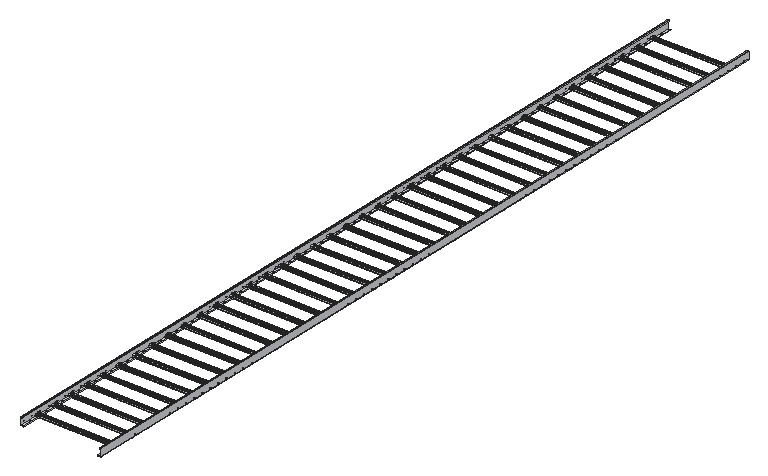
Revit family "Kabelleiter LG 60, 6 m VS FT", category Generic Models, Revit 2017 (continued)
Forms (mm)
  Extrusion 519, void
    sketch origin (80, 4200, 0) x (1, 0, 0) y (0, 1, 0)
      loop
        line (75.5, 158.5) -> (75.5, 141.5) -> (82.5, 141.5) -> (82.5, 158.5) -> (75.5, 158.5)
    from 0 to 3
  Extrusion 520, void
    sketch origin (80, 4350, 0) x (1, 0, 0) y (0, 1, 0)
      loop
        line (75.5, 158.5) -> (75.5, 141.5) -> (82.5, 141.5) -> (82.5, 158.5) -> (75.5, 158.5)
    from 0 to 3
  Extrusion 521, void
    sketch origin (80, 4500, 0) x (1, 0, 0) y (0, 1, 0)
      loop
        line (75.5, 158.5) -> (75.5, 141.5) -> (82.5, 141.5) -> (82.5, 158.5) -> (75.5, 158.5)
    from 0 to 3
  Extrusion 522, void
    sketch origin (80, 4650, 0) x (1, 0, 0) y (0, 1, 0)
      loop
        line (75.5, 158.5) -> (75.5, 141.5) -> (82.5, 141.5) -> (82.5, 158.5) -> (75.5, 158.5)
    from 0 to 3
  Extrusion 523, void
    sketch origin (80, 4800, 0) x (1, 0, 0) y (0, 1, 0)
      loop
        line (75.5, 158.5) -> (75.5, 141.5) -> (82.5, 141.5) -> (82.5, 158.5) -> (75.5, 158.5)
    from 0 to 3
  Extrusion 524, void
    sketch origin (80, 4950, 0) x (1, 0, 0) y (0, 1, 0)
      loop
        line (75.5, 158.5) -> (75.5, 141.5) -> (82.5, 141.5) -> (82.5, 158.5) -> (75.5, 158.5)
    from 0 to 3
  Extrusion 525, void
    sketch origin (80, 5100, 0) x (1, 0, 0) y (0, 1, 0)
      loop
        line (75.5, 158.5) -> (75.5, 141.5) -> (82.5, 141.5) -> (82.5, 158.5) -> (75.5, 158.5)
    from 0 to 3
  Extrusion 526, void
    sketch origin (80, 5250, 0) x (1, 0, 0) y (0, 1, 0)
      loop
        line (75.5, 158.5) -> (75.5, 141.5) -> (82.5, 141.5) -> (82.5, 158.5) -> (75.5, 158.5)
    from 0 to 3
  Extrusion 527, void
    sketch origin (80, 5400, 0) x (1, 0, 0) y (0, 1, 0)
      loop
        line (75.5, 158.5) -> (75.5, 141.5) -> (82.5, 141.5) -> (82.5, 158.5) -> (75.5, 158.5)
    from 0 to 3
  Extrusion 528, void
    sketch origin (80, 5550, 0) x (1, 0, 0) y (0, 1, 0)
      loop
        line (75.5, 158.5) -> (75.5, 141.5) -> (82.5, 141.5) -> (82.5, 158.5) -> (75.5, 158.5)
    from 0 to 3
  Extrusion 529, void
    sketch origin (80, 5700, 0) x (1, 0, 0) y (0, 1, 0)
      loop
        line (75.5, 158.5) -> (75.5, 141.5) -> (82.5, 141.5) -> (82.5, 158.5) -> (75.5, 158.5)
    from 0 to 3
  Extrusion 530, void
    sketch origin (120, 300, 0) x (1, 0, 0) y (0, 1, 0)
      loop
        line (53.5, 158.5) -> (53.5, 141.5) -> (64.5, 141.5) -> (64.5, 158.5) -> (53.5, 158.5)
    from 1.5 to 3
  Extrusion 531, void
    sketch origin (120, 450, 0) x (1, 0, 0) y (0, 1, 0)
      loop
        line (53.5, 158.5) -> (53.5, 141.5) -> (64.5, 141.5) -> (64.5, 158.5) -> (53.5, 158.5)
    from 1.5 to 3
  Extrusion 532, void
    sketch origin (120, 600, 0) x (1, 0, 0) y (0, 1, 0)
      loop
        line (53.5, 158.5) -> (53.5, 141.5) -> (64.5, 141.5) -> (64.5, 158.5) -> (53.5, 158.5)
    from 1.5 to 3
  Extrusion 533, void
    sketch origin (120, 750, 0) x (1, 0, 0) y (0, 1, 0)
      loop
        line (53.5, 158.5) -> (53.5, 141.5) -> (64.5, 141.5) -> (64.5, 158.5) -> (53.5, 158.5)
    from 1.5 to 3
  Extrusion 534, void
    sketch origin (120, 900, 0) x (1, 0, 0) y (0, 1, 0)
      loop
        line (53.5, 158.5) -> (53.5, 141.5) -> (64.5, 141.5) -> (64.5, 158.5) -> (53.5, 158.5)
    from 1.5 to 3
  Extrusion 535, void
    sketch origin (120, 1050, 0) x (1, 0, 0) y (0, 1, 0)
      loop
        line (53.5, 158.5) -> (53.5, 141.5) -> (64.5, 141.5) -> (64.5, 158.5) -> (53.5, 158.5)
    from 1.5 to 3
  Extrusion 536, void
    sketch origin (120, 1200, 0) x (1, 0, 0) y (0, 1, 0)
      loop
        line (53.5, 158.5) -> (53.5, 141.5) -> (64.5, 141.5) -> (64.5, 158.5) -> (53.5, 158.5)
    from 1.5 to 3
  Extrusion 537, void
    sketch origin (120, 1350, 0) x (1, 0, 0) y (0, 1, 0)
      loop
        line (53.5, 158.5) -> (53.5, 141.5) -> (64.5, 141.5) -> (64.5, 158.5) -> (53.5, 158.5)
    from 1.5 to 3
  Extrusion 538, void
    sketch origin (120, 1500, 0) x (1, 0, 0) y (0, 1, 0)
      loop
        line (53.5, 158.5) -> (53.5, 141.5) -> (64.5, 141.5) -> (64.5, 158.5) -> (53.5, 158.5)
    from 1.5 to 3
  Extrusion 539, void
    sketch origin (120, 1650, 0) x (1, 0, 0) y (0, 1, 0)
      loop
        line (53.5, 158.5) -> (53.5, 141.5) -> (64.5, 141.5) -> (64.5, 158.5) -> (53.5, 158.5)
    from 1.5 to 3
  Extrusion 540, void
    sketch origin (120, 1800, 0) x (1, 0, 0) y (0, 1, 0)
      loop
        line (53.5, 158.5) -> (53.5, 141.5) -> (64.5, 141.5) -> (64.5, 158.5) -> (53.5, 158.5)
    from 1.5 to 3
  Extrusion 541, void
    sketch origin (120, 1950, 0) x (1, 0, 0) y (0, 1, 0)
      loop
        line (53.5, 158.5) -> (53.5, 141.5) -> (64.5, 141.5) -> (64.5, 158.5) -> (53.5, 158.5)
    from 1.5 to 3
  Extrusion 542, void
    sketch origin (120, 2100, 0) x (1, 0, 0) y (0, 1, 0)
      loop
        line (53.5, 158.5) -> (53.5, 141.5) -> (64.5, 141.5) -> (64.5, 158.5) -> (53.5, 158.5)
    from 1.5 to 3
  Extrusion 543, void
    sketch origin (120, 2250, 0) x (1, 0, 0) y (0, 1, 0)
      loop
        line (53.5, 158.5) -> (53.5, 141.5) -> (64.5, 141.5) -> (64.5, 158.5) -> (53.5, 158.5)
    from 1.5 to 3
  Extrusion 544, void
    sketch origin (120, 2400, 0) x (1, 0, 0) y (0, 1, 0)
      loop
        line (53.5, 158.5) -> (53.5, 141.5) -> (64.5, 141.5) -> (64.5, 158.5) -> (53.5, 158.5)
    from 1.5 to 3
  Extrusion 545, void
    sketch origin (120, 2550, 0) x (1, 0, 0) y (0, 1, 0)
      loop
        line (53.5, 158.5) -> (53.5, 141.5) -> (64.5, 141.5) -> (64.5, 158.5) -> (53.5, 158.5)
    from 1.5 to 3
  Extrusion 546, void
    sketch origin (120, 2700, 0) x (1, 0, 0) y (0, 1, 0)
      loop
        line (53.5, 158.5) -> (53.5, 141.5) -> (64.5, 141.5) -> (64.5, 158.5) -> (53.5, 158.5)
    from 1.5 to 3
  Extrusion 547, void
    sketch origin (120, 2850, 0) x (1, 0, 0) y (0, 1, 0)
      loop
        line (53.5, 158.5) -> (53.5, 141.5) -> (64.5, 141.5) -> (64.5, 158.5) -> (53.5, 158.5)
    from 1.5 to 3
  Extrusion 548, void
    sketch origin (120, 3000, 0) x (1, 0, 0) y (0, 1, 0)
      loop
        line (53.5, 158.5) -> (53.5, 141.5) -> (64.5, 141.5) -> (64.5, 158.5) -> (53.5, 158.5)
    from 1.5 to 3
  Extrusion 549, void
    sketch origin (120, 3150, 0) x (1, 0, 0) y (0, 1, 0)
      loop
        line (53.5, 158.5) -> (53.5, 141.5) -> (64.5, 141.5) -> (64.5, 158.5) -> (53.5, 158.5)
    from 1.5 to 3
  Extrusion 550, void
    sketch origin (120, 3300, 0) x (1, 0, 0) y (0, 1, 0)
      loop
        line (53.5, 158.5) -> (53.5, 141.5) -> (64.5, 141.5) -> (64.5, 158.5) -> (53.5, 158.5)
    from 1.5 to 3
  Extrusion 551, void
    sketch origin (120, 3450, 0) x (1, 0, 0) y (0, 1, 0)
      loop
        line (53.5, 158.5) -> (53.5, 141.5) -> (64.5, 141.5) -> (64.5, 158.5) -> (53.5, 158.5)
    from 1.5 to 3
  Extrusion 552, void
    sketch origin (120, 3600, 0) x (1, 0, 0) y (0, 1, 0)
      loop
        line (53.5, 158.5) -> (53.5, 141.5) -> (64.5, 141.5) -> (64.5, 158.5) -> (53.5, 158.5)
    from 1.5 to 3
  Extrusion 553, void
    sketch origin (120, 3750, 0) x (1, 0, 0) y (0, 1, 0)
      loop
        line (53.5, 158.5) -> (53.5, 141.5) -> (64.5, 141.5) -> (64.5, 158.5) -> (53.5, 158.5)
    from 1.5 to 3
  Extrusion 554, void
    sketch origin (120, 3900, 0) x (1, 0, 0) y (0, 1, 0)
      loop
        line (53.5, 158.5) -> (53.5, 141.5) -> (64.5, 141.5) -> (64.5, 158.5) -> (53.5, 158.5)
    from 1.5 to 3
  Extrusion 555, void
    sketch origin (120, 4050, 0) x (1, 0, 0) y (0, 1, 0)
      loop
        line (53.5, 158.5) -> (53.5, 141.5) -> (64.5, 141.5) -> (64.5, 158.5) -> (53.5, 158.5)
    from 1.5 to 3
  Extrusion 556, void
    sketch origin (120, 4200, 0) x (1, 0, 0) y (0, 1, 0)
      loop
        line (53.5, 158.5) -> (53.5, 141.5) -> (64.5, 141.5) -> (64.5, 158.5) -> (53.5, 158.5)
    from 1.5 to 3
  Extrusion 557, void
    sketch origin (120, 4350, 0) x (1, 0, 0) y (0, 1, 0)
      loop
        line (53.5, 158.5) -> (53.5, 141.5) -> (64.5, 141.5) -> (64.5, 158.5) -> (53.5, 158.5)
    from 1.5 to 3
  Extrusion 558, void
    sketch origin (120, 4500, 0) x (1, 0, 0) y (0, 1, 0)
      loop
        line (53.5, 158.5) -> (53.5, 141.5) -> (64.5, 141.5) -> (64.5, 158.5) -> (53.5, 158.5)
    from 1.5 to 3
  Extrusion 559, void
    sketch origin (120, 4650, 0) x (1, 0, 0) y (0, 1, 0)
      loop
        line (53.5, 158.5) -> (53.5, 141.5) -> (64.5, 141.5) -> (64.5, 158.5) -> (53.5, 158.5)
    from 1.5 to 3
  Extrusion 560, void
    sketch origin (120, 4800, 0) x (1, 0, 0) y (0, 1, 0)
      loop
        line (53.5, 158.5) -> (53.5, 141.5) -> (64.5, 141.5) -> (64.5, 158.5) -> (53.5, 158.5)
    from 1.5 to 3
  Extrusion 561, void
    sketch origin (120, 4950, 0) x (1, 0, 0) y (0, 1, 0)
      loop
        line (53.5, 158.5) -> (53.5, 141.5) -> (64.5, 141.5) -> (64.5, 158.5) -> (53.5, 158.5)
    from 1.5 to 3
  Extrusion 562, void
    sketch origin (120, 5100, 0) x (1, 0, 0) y (0, 1, 0)
      loop
        line (53.5, 158.5) -> (53.5, 141.5) -> (64.5, 141.5) -> (64.5, 158.5) -> (53.5, 158.5)
    from 1.5 to 3
  Extrusion 563, void
    sketch origin (120, 5250, 0) x (1, 0, 0) y (0, 1, 0)
      loop
        line (53.5, 158.5) -> (53.5, 141.5) -> (64.5, 141.5) -> (64.5, 158.5) -> (53.5, 158.5)
    from 1.5 to 3
  Extrusion 564, void
    sketch origin (120, 5400, 0) x (1, 0, 0) y (0, 1, 0)
      loop
        line (53.5, 158.5) -> (53.5, 141.5) -> (64.5, 141.5) -> (64.5, 158.5) -> (53.5, 158.5)
    from 1.5 to 3
  Extrusion 565, void
    sketch origin (120, 5550, 0) x (1, 0, 0) y (0, 1, 0)
      loop
        line (53.5, 158.5) -> (53.5, 141.5) -> (64.5, 141.5) -> (64.5, 158.5) -> (53.5, 158.5)
    from 1.5 to 3
  Extrusion 566, void
    sketch origin (120, 5700, 0) x (1, 0, 0) y (0, 1, 0)
      loop
        line (53.5, 158.5) -> (53.5, 141.5) -> (64.5, 141.5) -> (64.5, 158.5) -> (53.5, 158.5)
    from 1.5 to 3
  Extrusion 567, void
    sketch origin (120, 300, 0) x (1, 0, 0) y (0, 1, 0)
      loop
        line (75.5, 158.5) -> (75.5, 141.5) -> (82.5, 141.5) -> (82.5, 158.5) -> (75.5, 158.5)
    from 0 to 3
  Extrusion 568, void
    sketch origin (120, 450, 0) x (1, 0, 0) y (0, 1, 0)
      loop
        line (75.5, 158.5) -> (75.5, 141.5) -> (82.5, 141.5) -> (82.5, 158.5) -> (75.5, 158.5)
    from 0 to 3
  Extrusion 569, void
    sketch origin (120, 600, 0) x (1, 0, 0) y (0, 1, 0)
      loop
        line (75.5, 158.5) -> (75.5, 141.5) -> (82.5, 141.5) -> (82.5, 158.5) -> (75.5, 158.5)
    from 0 to 3
  Extrusion 570, void
    sketch origin (120, 750, 0) x (1, 0, 0) y (0, 1, 0)
      loop
        line (75.5, 158.5) -> (75.5, 141.5) -> (82.5, 141.5) -> (82.5, 158.5) -> (75.5, 158.5)
    from 0 to 3
  Extrusion 571, void
    sketch origin (120, 900, 0) x (1, 0, 0) y (0, 1, 0)
      loop
        line (75.5, 158.5) -> (75.5, 141.5) -> (82.5, 141.5) -> (82.5, 158.5) -> (75.5, 158.5)
    from 0 to 3
  Extrusion 572, void
    sketch origin (120, 1050, 0) x (1, 0, 0) y (0, 1, 0)
      loop
        line (75.5, 158.5) -> (75.5, 141.5) -> (82.5, 141.5) -> (82.5, 158.5) -> (75.5, 158.5)
    from 0 to 3
  Extrusion 573, void
    sketch origin (120, 1200, 0) x (1, 0, 0) y (0, 1, 0)
      loop
        line (75.5, 158.5) -> (75.5, 141.5) -> (82.5, 141.5) -> (82.5, 158.5) -> (75.5, 158.5)
    from 0 to 3
  Extrusion 574, void
    sketch origin (120, 1350, 0) x (1, 0, 0) y (0, 1, 0)
      loop
        line (75.5, 158.5) -> (75.5, 141.5) -> (82.5, 141.5) -> (82.5, 158.5) -> (75.5, 158.5)
    from 0 to 3
  Extrusion 575, void
    sketch origin (120, 1500, 0) x (1, 0, 0) y (0, 1, 0)
      loop
        line (75.5, 158.5) -> (75.5, 141.5) -> (82.5, 141.5) -> (82.5, 158.5) -> (75.5, 158.5)
    from 0 to 3
  Extrusion 576, void
    sketch origin (120, 1650, 0) x (1, 0, 0) y (0, 1, 0)
      loop
        line (75.5, 158.5) -> (75.5, 141.5) -> (82.5, 141.5) -> (82.5, 158.5) -> (75.5, 158.5)
    from 0 to 3
  Extrusion 577, void
    sketch origin (120, 1800, 0) x (1, 0, 0) y (0, 1, 0)
      loop
        line (75.5, 158.5) -> (75.5, 141.5) -> (82.5, 141.5) -> (82.5, 158.5) -> (75.5, 158.5)
    from 0 to 3
  Extrusion 578, void
    sketch origin (120, 1950, 0) x (1, 0, 0) y (0, 1, 0)
      loop
        line (75.5, 158.5) -> (75.5, 141.5) -> (82.5, 141.5) -> (82.5, 158.5) -> (75.5, 158.5)
    from 0 to 3
  Extrusion 579, void
    sketch origin (120, 2100, 0) x (1, 0, 0) y (0, 1, 0)
      loop
        line (75.5, 158.5) -> (75.5, 141.5) -> (82.5, 141.5) -> (82.5, 158.5) -> (75.5, 158.5)
    from 0 to 3
  Extrusion 580, void
    sketch origin (120, 2250, 0) x (1, 0, 0) y (0, 1, 0)
      loop
        line (75.5, 158.5) -> (75.5, 141.5) -> (82.5, 141.5) -> (82.5, 158.5) -> (75.5, 158.5)
    from 0 to 3
  Extrusion 581, void
    sketch origin (120, 2400, 0) x (1, 0, 0) y (0, 1, 0)
      loop
        line (75.5, 158.5) -> (75.5, 141.5) -> (82.5, 141.5) -> (82.5, 158.5) -> (75.5, 158.5)
    from 0 to 3
  Extrusion 582, void
    sketch origin (120, 2550, 0) x (1, 0, 0) y (0, 1, 0)
      loop
        line (75.5, 158.5) -> (75.5, 141.5) -> (82.5, 141.5) -> (82.5, 158.5) -> (75.5, 158.5)
    from 0 to 3
  Extrusion 583, void
    sketch origin (120, 2700, 0) x (1, 0, 0) y (0, 1, 0)
      loop
        line (75.5, 158.5) -> (75.5, 141.5) -> (82.5, 141.5) -> (82.5, 158.5) -> (75.5, 158.5)
    from 0 to 3
  Extrusion 584, void
    sketch origin (120, 2850, 0) x (1, 0, 0) y (0, 1, 0)
      loop
        line (75.5, 158.5) -> (75.5, 141.5) -> (82.5, 141.5) -> (82.5, 158.5) -> (75.5, 158.5)
    from 0 to 3
  Extrusion 585, void
    sketch origin (120, 3000, 0) x (1, 0, 0) y (0, 1, 0)
      loop
        line (75.5, 158.5) -> (75.5, 141.5) -> (82.5, 141.5) -> (82.5, 158.5) -> (75.5, 158.5)
    from 0 to 3
  Extrusion 586, void
    sketch origin (120, 3150, 0) x (1, 0, 0) y (0, 1, 0)
      loop
        line (75.5, 158.5) -> (75.5, 141.5) -> (82.5, 141.5) -> (82.5, 158.5) -> (75.5, 158.5)
    from 0 to 3
  Extrusion 587, void
    sketch origin (120, 3300, 0) x (1, 0, 0) y (0, 1, 0)
      loop
        line (75.5, 158.5) -> (75.5, 141.5) -> (82.5, 141.5) -> (82.5, 158.5) -> (75.5, 158.5)
    from 0 to 3
  Extrusion 588, void
    sketch origin (120, 3450, 0) x (1, 0, 0) y (0, 1, 0)
      loop
        line (75.5, 158.5) -> (75.5, 141.5) -> (82.5, 141.5) -> (82.5, 158.5) -> (75.5, 158.5)
    from 0 to 3
  Extrusion 589, void
    sketch origin (120, 3600, 0) x (1, 0, 0) y (0, 1, 0)
      loop
        line (75.5, 158.5) -> (75.5, 141.5) -> (82.5, 141.5) -> (82.5, 158.5) -> (75.5, 158.5)
    from 0 to 3
  Extrusion 590, void
    sketch origin (120, 3750, 0) x (1, 0, 0) y (0, 1, 0)
      loop
        line (75.5, 158.5) -> (75.5, 141.5) -> (82.5, 141.5) -> (82.5, 158.5) -> (75.5, 158.5)
    from 0 to 3
  Extrusion 591, void
    sketch origin (120, 3900, 0) x (1, 0, 0) y (0, 1, 0)
      loop
        line (75.5, 158.5) -> (75.5, 141.5) -> (82.5, 141.5) -> (82.5, 158.5) -> (75.5, 158.5)
    from 0 to 3
  Extrusion 592, void
    sketch origin (120, 4050, 0) x (1, 0, 0) y (0, 1, 0)
      loop
        line (75.5, 158.5) -> (75.5, 141.5) -> (82.5, 141.5) -> (82.5, 158.5) -> (75.5, 158.5)
    from 0 to 3
  Extrusion 593, void
    sketch origin (120, 4200, 0) x (1, 0, 0) y (0, 1, 0)
      loop
        line (75.5, 158.5) -> (75.5, 141.5) -> (82.5, 141.5) -> (82.5, 158.5) -> (75.5, 158.5)
    from 0 to 3
  Extrusion 594, void
    sketch origin (120, 4350, 0) x (1, 0, 0) y (0, 1, 0)
      loop
        line (75.5, 158.5) -> (75.5, 141.5) -> (82.5, 141.5) -> (82.5, 158.5) -> (75.5, 158.5)
    from 0 to 3
  Extrusion 595, void
    sketch origin (120, 4500, 0) x (1, 0, 0) y (0, 1, 0)
      loop
        line (75.5, 158.5) -> (75.5, 141.5) -> (82.5, 141.5) -> (82.5, 158.5) -> (75.5, 158.5)
    from 0 to 3
  Extrusion 596, void
    sketch origin (120, 4650, 0) x (1, 0, 0) y (0, 1, 0)
      loop
        line (75.5, 158.5) -> (75.5, 141.5) -> (82.5, 141.5) -> (82.5, 158.5) -> (75.5, 158.5)
    from 0 to 3
  Extrusion 597, void
    sketch origin (120, 4800, 0) x (1, 0, 0) y (0, 1, 0)
      loop
        line (75.5, 158.5) -> (75.5, 141.5) -> (82.5, 141.5) -> (82.5, 158.5) -> (75.5, 158.5)
    from 0 to 3
  Extrusion 598, void
    sketch origin (120, 4950, 0) x (1, 0, 0) y (0, 1, 0)
      loop
        line (75.5, 158.5) -> (75.5, 141.5) -> (82.5, 141.5) -> (82.5, 158.5) -> (75.5, 158.5)
    from 0 to 3
  Extrusion 599, void
    sketch origin (120, 5100, 0) x (1, 0, 0) y (0, 1, 0)
      loop
        line (75.5, 158.5) -> (75.5, 141.5) -> (82.5, 141.5) -> (82.5, 158.5) -> (75.5, 158.5)
    from 0 to 3
  Extrusion 600, void
    sketch origin (120, 5250, 0) x (1, 0, 0) y (0, 1, 0)
      loop
        line (75.5, 158.5) -> (75.5, 141.5) -> (82.5, 141.5) -> (82.5, 158.5) -> (75.5, 158.5)
    from 0 to 3
  Extrusion 601, void
    sketch origin (120, 5400, 0) x (1, 0, 0) y (0, 1, 0)
      loop
        line (75.5, 158.5) -> (75.5, 141.5) -> (82.5, 141.5) -> (82.5, 158.5) -> (75.5, 158.5)
    from 0 to 3
  Extrusion 602, void
    sketch origin (120, 5550, 0) x (1, 0, 0) y (0, 1, 0)
      loop
        line (75.5, 158.5) -> (75.5, 141.5) -> (82.5, 141.5) -> (82.5, 158.5) -> (75.5, 158.5)
    from 0 to 3
  Extrusion 603, void
    sketch origin (120, 5700, 0) x (1, 0, 0) y (0, 1, 0)
      loop
        line (75.5, 158.5) -> (75.5, 141.5) -> (82.5, 141.5) -> (82.5, 158.5) -> (75.5, 158.5)
    from 0 to 3
  Extrusion 604, void
    sketch origin (160, 300, 0) x (1, 0, 0) y (0, 1, 0)
      loop
        line (53.5, 158.5) -> (53.5, 141.5) -> (64.5, 141.5) -> (64.5, 158.5) -> (53.5, 158.5)
    from 1.5 to 3
  Extrusion 605, void
    sketch origin (160, 450, 0) x (1, 0, 0) y (0, 1, 0)
      loop
        line (53.5, 158.5) -> (53.5, 141.5) -> (64.5, 141.5) -> (64.5, 158.5) -> (53.5, 158.5)
    from 1.5 to 3
  Extrusion 606, void
    sketch origin (160, 600, 0) x (1, 0, 0) y (0, 1, 0)
      loop
        line (53.5, 158.5) -> (53.5, 141.5) -> (64.5, 141.5) -> (64.5, 158.5) -> (53.5, 158.5)
    from 1.5 to 3
  Extrusion 607, void
    sketch origin (160, 750, 0) x (1, 0, 0) y (0, 1, 0)
      loop
        line (53.5, 158.5) -> (53.5, 141.5) -> (64.5, 141.5) -> (64.5, 158.5) -> (53.5, 158.5)
    from 1.5 to 3
  Extrusion 608, void
    sketch origin (160, 900, 0) x (1, 0, 0) y (0, 1, 0)
      loop
        line (53.5, 158.5) -> (53.5, 141.5) -> (64.5, 141.5) -> (64.5, 158.5) -> (53.5, 158.5)
    from 1.5 to 3
  Extrusion 609, void
    sketch origin (160, 1050, 0) x (1, 0, 0) y (0, 1, 0)
      loop
        line (53.5, 158.5) -> (53.5, 141.5) -> (64.5, 141.5) -> (64.5, 158.5) -> (53.5, 158.5)
    from 1.5 to 3
  Extrusion 610, void
    sketch origin (160, 1200, 0) x (1, 0, 0) y (0, 1, 0)
      loop
        line (53.5, 158.5) -> (53.5, 141.5) -> (64.5, 141.5) -> (64.5, 158.5) -> (53.5, 158.5)
    from 1.5 to 3
  Extrusion 611, void
    sketch origin (160, 1350, 0) x (1, 0, 0) y (0, 1, 0)
      loop
        line (53.5, 158.5) -> (53.5, 141.5) -> (64.5, 141.5) -> (64.5, 158.5) -> (53.5, 158.5)
    from 1.5 to 3
  Extrusion 612, void
    sketch origin (160, 1500, 0) x (1, 0, 0) y (0, 1, 0)
      loop
        line (53.5, 158.5) -> (53.5, 141.5) -> (64.5, 141.5) -> (64.5, 158.5) -> (53.5, 158.5)
    from 1.5 to 3
  Extrusion 613, void
    sketch origin (160, 1650, 0) x (1, 0, 0) y (0, 1, 0)
      loop
        line (53.5, 158.5) -> (53.5, 141.5) -> (64.5, 141.5) -> (64.5, 158.5) -> (53.5, 158.5)
    from 1.5 to 3
  Extrusion 614, void
    sketch origin (160, 1800, 0) x (1, 0, 0) y (0, 1, 0)
      loop
        line (53.5, 158.5) -> (53.5, 141.5) -> (64.5, 141.5) -> (64.5, 158.5) -> (53.5, 158.5)
    from 1.5 to 3
  Extrusion 615, void
    sketch origin (160, 1950, 0) x (1, 0, 0) y (0, 1, 0)
      loop
        line (53.5, 158.5) -> (53.5, 141.5) -> (64.5, 141.5) -> (64.5, 158.5) -> (53.5, 158.5)
    from 1.5 to 3
  Extrusion 616, void
    sketch origin (160, 2100, 0) x (1, 0, 0) y (0, 1, 0)
      loop
        line (53.5, 158.5) -> (53.5, 141.5) -> (64.5, 141.5) -> (64.5, 158.5) -> (53.5, 158.5)
    from 1.5 to 3
  Extrusion 617, void
    sketch origin (160, 2250, 0) x (1, 0, 0) y (0, 1, 0)
      loop
        line (53.5, 158.5) -> (53.5, 141.5) -> (64.5, 141.5) -> (64.5, 158.5) -> (53.5, 158.5)
    from 1.5 to 3
  Extrusion 618, void
    sketch origin (160, 2400, 0) x (1, 0, 0) y (0, 1, 0)
      loop
        line (53.5, 158.5) -> (53.5, 141.5) -> (64.5, 141.5) -> (64.5, 158.5) -> (53.5, 158.5)
    from 1.5 to 3
  Extrusion 619, void
    sketch origin (160, 2550, 0) x (1, 0, 0) y (0, 1, 0)
      loop
        line (53.5, 158.5) -> (53.5, 141.5) -> (64.5, 141.5) -> (64.5, 158.5) -> (53.5, 158.5)
    from 1.5 to 3
  Extrusion 620, void
    sketch origin (160, 2700, 0) x (1, 0, 0) y (0, 1, 0)
      loop
        line (53.5, 158.5) -> (53.5, 141.5) -> (64.5, 141.5) -> (64.5, 158.5) -> (53.5, 158.5)
    from 1.5 to 3
  Extrusion 621, void
    sketch origin (160, 2850, 0) x (1, 0, 0) y (0, 1, 0)
      loop
        line (53.5, 158.5) -> (53.5, 141.5) -> (64.5, 141.5) -> (64.5, 158.5) -> (53.5, 158.5)
    from 1.5 to 3
  Extrusion 622, void
    sketch origin (160, 3000, 0) x (1, 0, 0) y (0, 1, 0)
      loop
        line (53.5, 158.5) -> (53.5, 141.5) -> (64.5, 141.5) -> (64.5, 158.5) -> (53.5, 158.5)
    from 1.5 to 3
  Extrusion 623, void
    sketch origin (160, 3150, 0) x (1, 0, 0) y (0, 1, 0)
      loop
        line (53.5, 158.5) -> (53.5, 141.5) -> (64.5, 141.5) -> (64.5, 158.5) -> (53.5, 158.5)
    from 1.5 to 3
  Extrusion 624, void
    sketch origin (160, 3300, 0) x (1, 0, 0) y (0, 1, 0)
      loop
        line (53.5, 158.5) -> (53.5, 141.5) -> (64.5, 141.5) -> (64.5, 158.5) -> (53.5, 158.5)
    from 1.5 to 3
  Extrusion 625, void
    sketch origin (160, 3450, 0) x (1, 0, 0) y (0, 1, 0)
      loop
        line (53.5, 158.5) -> (53.5, 141.5) -> (64.5, 141.5) -> (64.5, 158.5) -> (53.5, 158.5)
    from 1.5 to 3
  Extrusion 626, void
    sketch origin (160, 3600, 0) x (1, 0, 0) y (0, 1, 0)
      loop
        line (53.5, 158.5) -> (53.5, 141.5) -> (64.5, 141.5) -> (64.5, 158.5) -> (53.5, 158.5)
    from 1.5 to 3
  Extrusion 627, void
    sketch origin (160, 3750, 0) x (1, 0, 0) y (0, 1, 0)
      loop
        line (53.5, 158.5) -> (53.5, 141.5) -> (64.5, 141.5) -> (64.5, 158.5) -> (53.5, 158.5)
    from 1.5 to 3
  Extrusion 628, void
    sketch origin (160, 3900, 0) x (1, 0, 0) y (0, 1, 0)
      loop
        line (53.5, 158.5) -> (53.5, 141.5) -> (64.5, 141.5) -> (64.5, 158.5) -> (53.5, 158.5)
    from 1.5 to 3
  Extrusion 629, void
    sketch origin (160, 4050, 0) x (1, 0, 0) y (0, 1, 0)
      loop
        line (53.5, 158.5) -> (53.5, 141.5) -> (64.5, 141.5) -> (64.5, 158.5) -> (53.5, 158.5)
    from 1.5 to 3
  Extrusion 630, void
    sketch origin (160, 4200, 0) x (1, 0, 0) y (0, 1, 0)
      loop
        line (53.5, 158.5) -> (53.5, 141.5) -> (64.5, 141.5) -> (64.5, 158.5) -> (53.5, 158.5)
    from 1.5 to 3
  Extrusion 631, void
    sketch origin (160, 4350, 0) x (1, 0, 0) y (0, 1, 0)
      loop
        line (53.5, 158.5) -> (53.5, 141.5) -> (64.5, 141.5) -> (64.5, 158.5) -> (53.5, 158.5)
    from 1.5 to 3
  Extrusion 632, void
    sketch origin (160, 4500, 0) x (1, 0, 0) y (0, 1, 0)
      loop
        line (53.5, 158.5) -> (53.5, 141.5) -> (64.5, 141.5) -> (64.5, 158.5) -> (53.5, 158.5)
    from 1.5 to 3
  Extrusion 633, void
    sketch origin (160, 4650, 0) x (1, 0, 0) y (0, 1, 0)
      loop
        line (53.5, 158.5) -> (53.5, 141.5) -> (64.5, 141.5) -> (64.5, 158.5) -> (53.5, 158.5)
    from 1.5 to 3
  Extrusion 634, void
    sketch origin (160, 4800, 0) x (1, 0, 0) y (0, 1, 0)
      loop
        line (53.5, 158.5) -> (53.5, 141.5) -> (64.5, 141.5) -> (64.5, 158.5) -> (53.5, 158.5)
    from 1.5 to 3
  Extrusion 635, void
    sketch origin (160, 4950, 0) x (1, 0, 0) y (0, 1, 0)
      loop
        line (53.5, 158.5) -> (53.5, 141.5) -> (64.5, 141.5) -> (64.5, 158.5) -> (53.5, 158.5)
    from 1.5 to 3
  Extrusion 636, void
    sketch origin (160, 5100, 0) x (1, 0, 0) y (0, 1, 0)
      loop
        line (53.5, 158.5) -> (53.5, 141.5) -> (64.5, 141.5) -> (64.5, 158.5) -> (53.5, 158.5)
    from 1.5 to 3
  Extrusion 637, void
    sketch origin (160, 5250, 0) x (1, 0, 0) y (0, 1, 0)
      loop
        line (53.5, 158.5) -> (53.5, 141.5) -> (64.5, 141.5) -> (64.5, 158.5) -> (53.5, 158.5)
    from 1.5 to 3
  Extrusion 638, void
    sketch origin (160, 5400, 0) x (1, 0, 0) y (0, 1, 0)
      loop
        line (53.5, 158.5) -> (53.5, 141.5) -> (64.5, 141.5) -> (64.5, 158.5) -> (53.5, 158.5)
    from 1.5 to 3
  Extrusion 639, void
    sketch origin (160, 5550, 0) x (1, 0, 0) y (0, 1, 0)
      loop
        line (53.5, 158.5) -> (53.5, 141.5) -> (64.5, 141.5) -> (64.5, 158.5) -> (53.5, 158.5)
    from 1.5 to 3
  Extrusion 640, void
    sketch origin (160, 5700, 0) x (1, 0, 0) y (0, 1, 0)
      loop
        line (53.5, 158.5) -> (53.5, 141.5) -> (64.5, 141.5) -> (64.5, 158.5) -> (53.5, 158.5)
    from 1.5 to 3
  Extrusion 641, void
    sketch origin (160, 300, 0) x (1, 0, 0) y (0, 1, 0)
      loop
        line (75.5, 158.5) -> (75.5, 141.5) -> (82.5, 141.5) -> (82.5, 158.5) -> (75.5, 158.5)
    from 0 to 3
  Extrusion 642, void
    sketch origin (160, 450, 0) x (1, 0, 0) y (0, 1, 0)
      loop
        line (75.5, 158.5) -> (75.5, 141.5) -> (82.5, 141.5) -> (82.5, 158.5) -> (75.5, 158.5)
    from 0 to 3
  Extrusion 643, void
    sketch origin (160, 600, 0) x (1, 0, 0) y (0, 1, 0)
      loop
        line (75.5, 158.5) -> (75.5, 141.5) -> (82.5, 141.5) -> (82.5, 158.5) -> (75.5, 158.5)
    from 0 to 3
  Extrusion 644, void
    sketch origin (160, 750, 0) x (1, 0, 0) y (0, 1, 0)
      loop
        line (75.5, 158.5) -> (75.5, 141.5) -> (82.5, 141.5) -> (82.5, 158.5) -> (75.5, 158.5)
    from 0 to 3
  Extrusion 645, void
    sketch origin (160, 900, 0) x (1, 0, 0) y (0, 1, 0)
      loop
        line (75.5, 158.5) -> (75.5, 141.5) -> (82.5, 141.5) -> (82.5, 158.5) -> (75.5, 158.5)
    from 0 to 3
  Extrusion 646, void
    sketch origin (160, 1050, 0) x (1, 0, 0) y (0, 1, 0)
      loop
        line (75.5, 158.5) -> (75.5, 141.5) -> (82.5, 141.5) -> (82.5, 158.5) -> (75.5, 158.5)
    from 0 to 3
  Extrusion 647, void
    sketch origin (160, 1200, 0) x (1, 0, 0) y (0, 1, 0)
      loop
        line (75.5, 158.5) -> (75.5, 141.5) -> (82.5, 141.5) -> (82.5, 158.5) -> (75.5, 158.5)
    from 0 to 3
  Extrusion 648, void
    sketch origin (160, 1350, 0) x (1, 0, 0) y (0, 1, 0)
      loop
        line (75.5, 158.5) -> (75.5, 141.5) -> (82.5, 141.5) -> (82.5, 158.5) -> (75.5, 158.5)
    from 0 to 3
  Extrusion 649, void
    sketch origin (160, 1500, 0) x (1, 0, 0) y (0, 1, 0)
      loop
        line (75.5, 158.5) -> (75.5, 141.5) -> (82.5, 141.5) -> (82.5, 158.5) -> (75.5, 158.5)
    from 0 to 3
  Extrusion 650, void
    sketch origin (160, 1650, 0) x (1, 0, 0) y (0, 1, 0)
      loop
        line (75.5, 158.5) -> (75.5, 141.5) -> (82.5, 141.5) -> (82.5, 158.5) -> (75.5, 158.5)
    from 0 to 3
  Extrusion 651, void
    sketch origin (160, 1800, 0) x (1, 0, 0) y (0, 1, 0)
      loop
        line (75.5, 158.5) -> (75.5, 141.5) -> (82.5, 141.5) -> (82.5, 158.5) -> (75.5, 158.5)
    from 0 to 3
  Extrusion 652, void
    sketch origin (160, 1950, 0) x (1, 0, 0) y (0, 1, 0)
      loop
        line (75.5, 158.5) -> (75.5, 141.5) -> (82.5, 141.5) -> (82.5, 158.5) -> (75.5, 158.5)
    from 0 to 3
  Extrusion 653, void
    sketch origin (160, 2100, 0) x (1, 0, 0) y (0, 1, 0)
      loop
        line (75.5, 158.5) -> (75.5, 141.5) -> (82.5, 141.5) -> (82.5, 158.5) -> (75.5, 158.5)
    from 0 to 3
  Extrusion 654, void
    sketch origin (160, 2250, 0) x (1, 0, 0) y (0, 1, 0)
      loop
        line (75.5, 158.5) -> (75.5, 141.5) -> (82.5, 141.5) -> (82.5, 158.5) -> (75.5, 158.5)
    from 0 to 3
  Extrusion 655, void
    sketch origin (160, 2400, 0) x (1, 0, 0) y (0, 1, 0)
      loop
        line (75.5, 158.5) -> (75.5, 141.5) -> (82.5, 141.5) -> (82.5, 158.5) -> (75.5, 158.5)
    from 0 to 3
  Extrusion 656, void
    sketch origin (160, 2550, 0) x (1, 0, 0) y (0, 1, 0)
      loop
        line (75.5, 158.5) -> (75.5, 141.5) -> (82.5, 141.5) -> (82.5, 158.5) -> (75.5, 158.5)
    from 0 to 3
  Extrusion 657, void
    sketch origin (160, 2700, 0) x (1, 0, 0) y (0, 1, 0)
      loop
        line (75.5, 158.5) -> (75.5, 141.5) -> (82.5, 141.5) -> (82.5, 158.5) -> (75.5, 158.5)
    from 0 to 3
  Extrusion 658, void
    sketch origin (160, 2850, 0) x (1, 0, 0) y (0, 1, 0)
      loop
        line (75.5, 158.5) -> (75.5, 141.5) -> (82.5, 141.5) -> (82.5, 158.5) -> (75.5, 158.5)
    from 0 to 3
  Extrusion 659, void
    sketch origin (160, 3000, 0) x (1, 0, 0) y (0, 1, 0)
      loop
        line (75.5, 158.5) -> (75.5, 141.5) -> (82.5, 141.5) -> (82.5, 158.5) -> (75.5, 158.5)
    from 0 to 3
  Extrusion 660, void
    sketch origin (160, 3150, 0) x (1, 0, 0) y (0, 1, 0)
      loop
        line (75.5, 158.5) -> (75.5, 141.5) -> (82.5, 141.5) -> (82.5, 158.5) -> (75.5, 158.5)
    from 0 to 3
  Extrusion 661, void
    sketch origin (160, 3300, 0) x (1, 0, 0) y (0, 1, 0)
      loop
        line (75.5, 158.5) -> (75.5, 141.5) -> (82.5, 141.5) -> (82.5, 158.5) -> (75.5, 158.5)
    from 0 to 3
  Extrusion 662, void
    sketch origin (160, 3450, 0) x (1, 0, 0) y (0, 1, 0)
      loop
        line (75.5, 158.5) -> (75.5, 141.5) -> (82.5, 141.5) -> (82.5, 158.5) -> (75.5, 158.5)
    from 0 to 3
  Extrusion 663, void
    sketch origin (160, 3600, 0) x (1, 0, 0) y (0, 1, 0)
      loop
        line (75.5, 158.5) -> (75.5, 141.5) -> (82.5, 141.5) -> (82.5, 158.5) -> (75.5, 158.5)
    from 0 to 3
  Extrusion 664, void
    sketch origin (160, 3750, 0) x (1, 0, 0) y (0, 1, 0)
      loop
        line (75.5, 158.5) -> (75.5, 141.5) -> (82.5, 141.5) -> (82.5, 158.5) -> (75.5, 158.5)
    from 0 to 3
  Extrusion 665, void
    sketch origin (160, 3900, 0) x (1, 0, 0) y (0, 1, 0)
      loop
        line (75.5, 158.5) -> (75.5, 141.5) -> (82.5, 141.5) -> (82.5, 158.5) -> (75.5, 158.5)
    from 0 to 3
  Extrusion 666, void
    sketch origin (160, 4050, 0) x (1, 0, 0) y (0, 1, 0)
      loop
        line (75.5, 158.5) -> (75.5, 141.5) -> (82.5, 141.5) -> (82.5, 158.5) -> (75.5, 158.5)
    from 0 to 3
  Extrusion 667, void
    sketch origin (160, 4200, 0) x (1, 0, 0) y (0, 1, 0)
      loop
        line (75.5, 158.5) -> (75.5, 141.5) -> (82.5, 141.5) -> (82.5, 158.5) -> (75.5, 158.5)
    from 0 to 3
  Extrusion 668, void
    sketch origin (160, 4350, 0) x (1, 0, 0) y (0, 1, 0)
      loop
        line (75.5, 158.5) -> (75.5, 141.5) -> (82.5, 141.5) -> (82.5, 158.5) -> (75.5, 158.5)
    from 0 to 3
  Extrusion 669, void
    sketch origin (160, 4500, 0) x (1, 0, 0) y (0, 1, 0)
      loop
        line (75.5, 158.5) -> (75.5, 141.5) -> (82.5, 141.5) -> (82.5, 158.5) -> (75.5, 158.5)
    from 0 to 3
  Extrusion 670, void
    sketch origin (160, 4650, 0) x (1, 0, 0) y (0, 1, 0)
      loop
        line (75.5, 158.5) -> (75.5, 141.5) -> (82.5, 141.5) -> (82.5, 158.5) -> (75.5, 158.5)
    from 0 to 3
  Extrusion 671, void
    sketch origin (160, 4800, 0) x (1, 0, 0) y (0, 1, 0)
      loop
        line (75.5, 158.5) -> (75.5, 141.5) -> (82.5, 141.5) -> (82.5, 158.5) -> (75.5, 158.5)
    from 0 to 3
  Extrusion 672, void
    sketch origin (160, 4950, 0) x (1, 0, 0) y (0, 1, 0)
      loop
        line (75.5, 158.5) -> (75.5, 141.5) -> (82.5, 141.5) -> (82.5, 158.5) -> (75.5, 158.5)
    from 0 to 3
  Extrusion 673, void
    sketch origin (160, 5100, 0) x (1, 0, 0) y (0, 1, 0)
      loop
        line (75.5, 158.5) -> (75.5, 141.5) -> (82.5, 141.5) -> (82.5, 158.5) -> (75.5, 158.5)
    from 0 to 3
  Extrusion 674, void
    sketch origin (160, 5250, 0) x (1, 0, 0) y (0, 1, 0)
      loop
        line (75.5, 158.5) -> (75.5, 141.5) -> (82.5, 141.5) -> (82.5, 158.5) -> (75.5, 158.5)
    from 0 to 3
  Extrusion 675, void
    sketch origin (160, 5400, 0) x (1, 0, 0) y (0, 1, 0)
      loop
        line (75.5, 158.5) -> (75.5, 141.5) -> (82.5, 141.5) -> (82.5, 158.5) -> (75.5, 158.5)
    from 0 to 3
  Extrusion 676, void
    sketch origin (160, 5550, 0) x (1, 0, 0) y (0, 1, 0)
      loop
        line (75.5, 158.5) -> (75.5, 141.5) -> (82.5, 141.5) -> (82.5, 158.5) -> (75.5, 158.5)
    from 0 to 3
  Extrusion 677, void
    sketch origin (160, 5700, 0) x (1, 0, 0) y (0, 1, 0)
      loop
        line (75.5, 158.5) -> (75.5, 141.5) -> (82.5, 141.5) -> (82.5, 158.5) -> (75.5, 158.5)
    from 0 to 3
  Extrusion 678, void
    sketch origin (200, 300, 0) x (1, 0, 0) y (0, 1, 0)
      loop
        line (53.5, 158.5) -> (53.5, 141.5) -> (64.5, 141.5) -> (64.5, 158.5) -> (53.5, 158.5)
    from 1.5 to 3
  Extrusion 679, void
    sketch origin (200, 450, 0) x (1, 0, 0) y (0, 1, 0)
      loop
        line (53.5, 158.5) -> (53.5, 141.5) -> (64.5, 141.5) -> (64.5, 158.5) -> (53.5, 158.5)
    from 1.5 to 3
  Extrusion 680, void
    sketch origin (200, 600, 0) x (1, 0, 0) y (0, 1, 0)
      loop
        line (53.5, 158.5) -> (53.5, 141.5) -> (64.5, 141.5) -> (64.5, 158.5) -> (53.5, 158.5)
    from 1.5 to 3
  Extrusion 681, void
    sketch origin (200, 750, 0) x (1, 0, 0) y (0, 1, 0)
      loop
        line (53.5, 158.5) -> (53.5, 141.5) -> (64.5, 141.5) -> (64.5, 158.5) -> (53.5, 158.5)
    from 1.5 to 3
  Extrusion 682, void
    sketch origin (200, 900, 0) x (1, 0, 0) y (0, 1, 0)
      loop
        line (53.5, 158.5) -> (53.5, 141.5) -> (64.5, 141.5) -> (64.5, 158.5) -> (53.5, 158.5)
    from 1.5 to 3
  Extrusion 683, void
    sketch origin (200, 1050, 0) x (1, 0, 0) y (0, 1, 0)
      loop
        line (53.5, 158.5) -> (53.5, 141.5) -> (64.5, 141.5) -> (64.5, 158.5) -> (53.5, 158.5)
    from 1.5 to 3
  Extrusion 684, void
    sketch origin (200, 1200, 0) x (1, 0, 0) y (0, 1, 0)
      loop
        line (53.5, 158.5) -> (53.5, 141.5) -> (64.5, 141.5) -> (64.5, 158.5) -> (53.5, 158.5)
    from 1.5 to 3
  Extrusion 685, void
    sketch origin (200, 1350, 0) x (1, 0, 0) y (0, 1, 0)
      loop
        line (53.5, 158.5) -> (53.5, 141.5) -> (64.5, 141.5) -> (64.5, 158.5) -> (53.5, 158.5)
    from 1.5 to 3
  Extrusion 686, void
    sketch origin (200, 1500, 0) x (1, 0, 0) y (0, 1, 0)
      loop
        line (53.5, 158.5) -> (53.5, 141.5) -> (64.5, 141.5) -> (64.5, 158.5) -> (53.5, 158.5)
    from 1.5 to 3
  Extrusion 687, void
    sketch origin (200, 1650, 0) x (1, 0, 0) y (0, 1, 0)
      loop
        line (53.5, 158.5) -> (53.5, 141.5) -> (64.5, 141.5) -> (64.5, 158.5) -> (53.5, 158.5)
    from 1.5 to 3
  Extrusion 688, void
    sketch origin (200, 1800, 0) x (1, 0, 0) y (0, 1, 0)
      loop
        line (53.5, 158.5) -> (53.5, 141.5) -> (64.5, 141.5) -> (64.5, 158.5) -> (53.5, 158.5)
    from 1.5 to 3
  Extrusion 689, void
    sketch origin (200, 1950, 0) x (1, 0, 0) y (0, 1, 0)
      loop
        line (53.5, 158.5) -> (53.5, 141.5) -> (64.5, 141.5) -> (64.5, 158.5) -> (53.5, 158.5)
    from 1.5 to 3
  Extrusion 690, void
    sketch origin (200, 2100, 0) x (1, 0, 0) y (0, 1, 0)
      loop
        line (53.5, 158.5) -> (53.5, 141.5) -> (64.5, 141.5) -> (64.5, 158.5) -> (53.5, 158.5)
    from 1.5 to 3
  Extrusion 691, void
    sketch origin (200, 2250, 0) x (1, 0, 0) y (0, 1, 0)
      loop
        line (53.5, 158.5) -> (53.5, 141.5) -> (64.5, 141.5) -> (64.5, 158.5) -> (53.5, 158.5)
    from 1.5 to 3
  Extrusion 692, void
    sketch origin (200, 2400, 0) x (1, 0, 0) y (0, 1, 0)
      loop
        line (53.5, 158.5) -> (53.5, 141.5) -> (64.5, 141.5) -> (64.5, 158.5) -> (53.5, 158.5)
    from 1.5 to 3
  Extrusion 693, void
    sketch origin (200, 2550, 0) x (1, 0, 0) y (0, 1, 0)
      loop
        line (53.5, 158.5) -> (53.5, 141.5) -> (64.5, 141.5) -> (64.5, 158.5) -> (53.5, 158.5)
    from 1.5 to 3
  Extrusion 694, void
    sketch origin (200, 2700, 0) x (1, 0, 0) y (0, 1, 0)
      loop
        line (53.5, 158.5) -> (53.5, 141.5) -> (64.5, 141.5) -> (64.5, 158.5) -> (53.5, 158.5)
    from 1.5 to 3
  Extrusion 695, void
    sketch origin (200, 2850, 0) x (1, 0, 0) y (0, 1, 0)
      loop
        line (53.5, 158.5) -> (53.5, 141.5) -> (64.5, 141.5) -> (64.5, 158.5) -> (53.5, 158.5)
    from 1.5 to 3
  Extrusion 696, void
    sketch origin (200, 3000, 0) x (1, 0, 0) y (0, 1, 0)
      loop
        line (53.5, 158.5) -> (53.5, 141.5) -> (64.5, 141.5) -> (64.5, 158.5) -> (53.5, 158.5)
    from 1.5 to 3
  Extrusion 697, void
    sketch origin (200, 3150, 0) x (1, 0, 0) y (0, 1, 0)
      loop
        line (53.5, 158.5) -> (53.5, 141.5) -> (64.5, 141.5) -> (64.5, 158.5) -> (53.5, 158.5)
    from 1.5 to 3
  Extrusion 698, void
    sketch origin (200, 3300, 0) x (1, 0, 0) y (0, 1, 0)
      loop
        line (53.5, 158.5) -> (53.5, 141.5) -> (64.5, 141.5) -> (64.5, 158.5) -> (53.5, 158.5)
    from 1.5 to 3
  Extrusion 699, void
    sketch origin (200, 3450, 0) x (1, 0, 0) y (0, 1, 0)
      loop
        line (53.5, 158.5) -> (53.5, 141.5) -> (64.5, 141.5) -> (64.5, 158.5) -> (53.5, 158.5)
    from 1.5 to 3
  Extrusion 700, void
    sketch origin (200, 3600, 0) x (1, 0, 0) y (0, 1, 0)
      loop
        line (53.5, 158.5) -> (53.5, 141.5) -> (64.5, 141.5) -> (64.5, 158.5) -> (53.5, 158.5)
    from 1.5 to 3
  Extrusion 701, void
    sketch origin (200, 3750, 0) x (1, 0, 0) y (0, 1, 0)
      loop
        line (53.5, 158.5) -> (53.5, 141.5) -> (64.5, 141.5) -> (64.5, 158.5) -> (53.5, 158.5)
    from 1.5 to 3
  Extrusion 702, void
    sketch origin (200, 3900, 0) x (1, 0, 0) y (0, 1, 0)
      loop
        line (53.5, 158.5) -> (53.5, 141.5) -> (64.5, 141.5) -> (64.5, 158.5) -> (53.5, 158.5)
    from 1.5 to 3
  Extrusion 703, void
    sketch origin (200, 4050, 0) x (1, 0, 0) y (0, 1, 0)
      loop
        line (53.5, 158.5) -> (53.5, 141.5) -> (64.5, 141.5) -> (64.5, 158.5) -> (53.5, 158.5)
    from 1.5 to 3
  Extrusion 704, void
    sketch origin (200, 4200, 0) x (1, 0, 0) y (0, 1, 0)
      loop
        line (53.5, 158.5) -> (53.5, 141.5) -> (64.5, 141.5) -> (64.5, 158.5) -> (53.5, 158.5)
    from 1.5 to 3
  Extrusion 705, void
    sketch origin (200, 4350, 0) x (1, 0, 0) y (0, 1, 0)
      loop
        line (53.5, 158.5) -> (53.5, 141.5) -> (64.5, 141.5) -> (64.5, 158.5) -> (53.5, 158.5)
    from 1.5 to 3
  Extrusion 706, void
    sketch origin (200, 4500, 0) x (1, 0, 0) y (0, 1, 0)
      loop
        line (53.5, 158.5) -> (53.5, 141.5) -> (64.5, 141.5) -> (64.5, 158.5) -> (53.5, 158.5)
    from 1.5 to 3
  Extrusion 707, void
    sketch origin (200, 4650, 0) x (1, 0, 0) y (0, 1, 0)
      loop
        line (53.5, 158.5) -> (53.5, 141.5) -> (64.5, 141.5) -> (64.5, 158.5) -> (53.5, 158.5)
    from 1.5 to 3
  Extrusion 708, void
    sketch origin (200, 4800, 0) x (1, 0, 0) y (0, 1, 0)
      loop
        line (53.5, 158.5) -> (53.5, 141.5) -> (64.5, 141.5) -> (64.5, 158.5) -> (53.5, 158.5)
    from 1.5 to 3
  Extrusion 709, void
    sketch origin (200, 4950, 0) x (1, 0, 0) y (0, 1, 0)
      loop
        line (53.5, 158.5) -> (53.5, 141.5) -> (64.5, 141.5) -> (64.5, 158.5) -> (53.5, 158.5)
    from 1.5 to 3
  Extrusion 710, void
    sketch origin (200, 5100, 0) x (1, 0, 0) y (0, 1, 0)
      loop
        line (53.5, 158.5) -> (53.5, 141.5) -> (64.5, 141.5) -> (64.5, 158.5) -> (53.5, 158.5)
    from 1.5 to 3
  Extrusion 711, void
    sketch origin (200, 5250, 0) x (1, 0, 0) y (0, 1, 0)
      loop
        line (53.5, 158.5) -> (53.5, 141.5) -> (64.5, 141.5) -> (64.5, 158.5) -> (53.5, 158.5)
    from 1.5 to 3
  Extrusion 712, void
    sketch origin (200, 5400, 0) x (1, 0, 0) y (0, 1, 0)
      loop
        line (53.5, 158.5) -> (53.5, 141.5) -> (64.5, 141.5) -> (64.5, 158.5) -> (53.5, 158.5)
    from 1.5 to 3
  Extrusion 713, void
    sketch origin (200, 5550, 0) x (1, 0, 0) y (0, 1, 0)
      loop
        line (53.5, 158.5) -> (53.5, 141.5) -> (64.5, 141.5) -> (64.5, 158.5) -> (53.5, 158.5)
    from 1.5 to 3
  Extrusion 714, void
    sketch origin (200, 5700, 0) x (1, 0, 0) y (0, 1, 0)
      loop
        line (53.5, 158.5) -> (53.5, 141.5) -> (64.5, 141.5) -> (64.5, 158.5) -> (53.5, 158.5)
    from 1.5 to 3
  Extrusion 715, void
    sketch origin (200, 300, 0) x (1, 0, 0) y (0, 1, 0)
      loop
        line (75.5, 158.5) -> (75.5, 141.5) -> (82.5, 141.5) -> (82.5, 158.5) -> (75.5, 158.5)
    from 0 to 3
  Extrusion 716, void
    sketch origin (200, 450, 0) x (1, 0, 0) y (0, 1, 0)
      loop
        line (75.5, 158.5) -> (75.5, 141.5) -> (82.5, 141.5) -> (82.5, 158.5) -> (75.5, 158.5)
    from 0 to 3
  Extrusion 717, void
    sketch origin (200, 600, 0) x (1, 0, 0) y (0, 1, 0)
      loop
        line (75.5, 158.5) -> (75.5, 141.5) -> (82.5, 141.5) -> (82.5, 158.5) -> (75.5, 158.5)
    from 0 to 3
  Extrusion 718, void
    sketch origin (200, 750, 0) x (1, 0, 0) y (0, 1, 0)
      loop
        line (75.5, 158.5) -> (75.5, 141.5) -> (82.5, 141.5) -> (82.5, 158.5) -> (75.5, 158.5)
    from 0 to 3
  Extrusion 719, void
    sketch origin (200, 900, 0) x (1, 0, 0) y (0, 1, 0)
      loop
        line (75.5, 158.5) -> (75.5, 141.5) -> (82.5, 141.5) -> (82.5, 158.5) -> (75.5, 158.5)
    from 0 to 3
  Extrusion 720, void
    sketch origin (200, 1050, 0) x (1, 0, 0) y (0, 1, 0)
      loop
        line (75.5, 158.5) -> (75.5, 141.5) -> (82.5, 141.5) -> (82.5, 158.5) -> (75.5, 158.5)
    from 0 to 3
  Extrusion 721, void
    sketch origin (200, 1200, 0) x (1, 0, 0) y (0, 1, 0)
      loop
        line (75.5, 158.5) -> (75.5, 141.5) -> (82.5, 141.5) -> (82.5, 158.5) -> (75.5, 158.5)
    from 0 to 3
  Extrusion 722, void
    sketch origin (200, 1350, 0) x (1, 0, 0) y (0, 1, 0)
      loop
        line (75.5, 158.5) -> (75.5, 141.5) -> (82.5, 141.5) -> (82.5, 158.5) -> (75.5, 158.5)
    from 0 to 3
  Extrusion 723, void
    sketch origin (200, 1500, 0) x (1, 0, 0) y (0, 1, 0)
      loop
        line (75.5, 158.5) -> (75.5, 141.5) -> (82.5, 141.5) -> (82.5, 158.5) -> (75.5, 158.5)
    from 0 to 3
  Extrusion 724, void
    sketch origin (200, 1650, 0) x (1, 0, 0) y (0, 1, 0)
      loop
        line (75.5, 158.5) -> (75.5, 141.5) -> (82.5, 141.5) -> (82.5, 158.5) -> (75.5, 158.5)
    from 0 to 3
  Extrusion 725, void
    sketch origin (200, 1800, 0) x (1, 0, 0) y (0, 1, 0)
      loop
        line (75.5, 158.5) -> (75.5, 141.5) -> (82.5, 141.5) -> (82.5, 158.5) -> (75.5, 158.5)
    from 0 to 3
  Extrusion 726, void
    sketch origin (200, 1950, 0) x (1, 0, 0) y (0, 1, 0)
      loop
        line (75.5, 158.5) -> (75.5, 141.5) -> (82.5, 141.5) -> (82.5, 158.5) -> (75.5, 158.5)
    from 0 to 3
  Extrusion 727, void
    sketch origin (200, 2100, 0) x (1, 0, 0) y (0, 1, 0)
      loop
        line (75.5, 158.5) -> (75.5, 141.5) -> (82.5, 141.5) -> (82.5, 158.5) -> (75.5, 158.5)
    from 0 to 3
  Extrusion 728, void
    sketch origin (200, 2250, 0) x (1, 0, 0) y (0, 1, 0)
      loop
        line (75.5, 158.5) -> (75.5, 141.5) -> (82.5, 141.5) -> (82.5, 158.5) -> (75.5, 158.5)
    from 0 to 3
  Extrusion 729, void
    sketch origin (200, 2400, 0) x (1, 0, 0) y (0, 1, 0)
      loop
        line (75.5, 158.5) -> (75.5, 141.5) -> (82.5, 141.5) -> (82.5, 158.5) -> (75.5, 158.5)
    from 0 to 3
  Extrusion 730, void
    sketch origin (200, 2550, 0) x (1, 0, 0) y (0, 1, 0)
      loop
        line (75.5, 158.5) -> (75.5, 141.5) -> (82.5, 141.5) -> (82.5, 158.5) -> (75.5, 158.5)
    from 0 to 3
  Extrusion 731, void
    sketch origin (200, 2700, 0) x (1, 0, 0) y (0, 1, 0)
      loop
        line (75.5, 158.5) -> (75.5, 141.5) -> (82.5, 141.5) -> (82.5, 158.5) -> (75.5, 158.5)
    from 0 to 3
  Extrusion 732, void
    sketch origin (200, 2850, 0) x (1, 0, 0) y (0, 1, 0)
      loop
        line (75.5, 158.5) -> (75.5, 141.5) -> (82.5, 141.5) -> (82.5, 158.5) -> (75.5, 158.5)
    from 0 to 3
  Extrusion 733, void
    sketch origin (200, 3000, 0) x (1, 0, 0) y (0, 1, 0)
      loop
        line (75.5, 158.5) -> (75.5, 141.5) -> (82.5, 141.5) -> (82.5, 158.5) -> (75.5, 158.5)
    from 0 to 3
  Extrusion 734, void
    sketch origin (200, 3150, 0) x (1, 0, 0) y (0, 1, 0)
      loop
        line (75.5, 158.5) -> (75.5, 141.5) -> (82.5, 141.5) -> (82.5, 158.5) -> (75.5, 158.5)
    from 0 to 3
  Extrusion 735, void
    sketch origin (200, 3300, 0) x (1, 0, 0) y (0, 1, 0)
      loop
        line (75.5, 158.5) -> (75.5, 141.5) -> (82.5, 141.5) -> (82.5, 158.5) -> (75.5, 158.5)
    from 0 to 3
  Extrusion 736, void
    sketch origin (200, 3450, 0) x (1, 0, 0) y (0, 1, 0)
      loop
        line (75.5, 158.5) -> (75.5, 141.5) -> (82.5, 141.5) -> (82.5, 158.5) -> (75.5, 158.5)
    from 0 to 3
  Extrusion 737, void
    sketch origin (200, 3600, 0) x (1, 0, 0) y (0, 1, 0)
      loop
        line (75.5, 158.5) -> (75.5, 141.5) -> (82.5, 141.5) -> (82.5, 158.5) -> (75.5, 158.5)
    from 0 to 3
  Extrusion 738, void
    sketch origin (200, 3750, 0) x (1, 0, 0) y (0, 1, 0)
      loop
        line (75.5, 158.5) -> (75.5, 141.5) -> (82.5, 141.5) -> (82.5, 158.5) -> (75.5, 158.5)
    from 0 to 3
  Extrusion 739, void
    sketch origin (200, 3900, 0) x (1, 0, 0) y (0, 1, 0)
      loop
        line (75.5, 158.5) -> (75.5, 141.5) -> (82.5, 141.5) -> (82.5, 158.5) -> (75.5, 158.5)
    from 0 to 3
  Extrusion 740, void
    sketch origin (200, 4050, 0) x (1, 0, 0) y (0, 1, 0)
      loop
        line (75.5, 158.5) -> (75.5, 141.5) -> (82.5, 141.5) -> (82.5, 158.5) -> (75.5, 158.5)
    from 0 to 3
  Extrusion 741, void
    sketch origin (200, 4200, 0) x (1, 0, 0) y (0, 1, 0)
      loop
        line (75.5, 158.5) -> (75.5, 141.5) -> (82.5, 141.5) -> (82.5, 158.5) -> (75.5, 158.5)
    from 0 to 3
  Extrusion 742, void
    sketch origin (200, 4350, 0) x (1, 0, 0) y (0, 1, 0)
      loop
        line (75.5, 158.5) -> (75.5, 141.5) -> (82.5, 141.5) -> (82.5, 158.5) -> (75.5, 158.5)
    from 0 to 3
  Extrusion 743, void
    sketch origin (200, 4500, 0) x (1, 0, 0) y (0, 1, 0)
      loop
        line (75.5, 158.5) -> (75.5, 141.5) -> (82.5, 141.5) -> (82.5, 158.5) -> (75.5, 158.5)
    from 0 to 3
  Extrusion 744, void
    sketch origin (200, 4650, 0) x (1, 0, 0) y (0, 1, 0)
      loop
        line (75.5, 158.5) -> (75.5, 141.5) -> (82.5, 141.5) -> (82.5, 158.5) -> (75.5, 158.5)
    from 0 to 3
  Extrusion 745, void
    sketch origin (200, 4800, 0) x (1, 0, 0) y (0, 1, 0)
      loop
        line (75.5, 158.5) -> (75.5, 141.5) -> (82.5, 141.5) -> (82.5, 158.5) -> (75.5, 158.5)
    from 0 to 3
  Extrusion 746, void
    sketch origin (200, 4950, 0) x (1, 0, 0) y (0, 1, 0)
      loop
        line (75.5, 158.5) -> (75.5, 141.5) -> (82.5, 141.5) -> (82.5, 158.5) -> (75.5, 158.5)
    from 0 to 3
  Extrusion 747, void
    sketch origin (200, 5100, 0) x (1, 0, 0) y (0, 1, 0)
      loop
        line (75.5, 158.5) -> (75.5, 141.5) -> (82.5, 141.5) -> (82.5, 158.5) -> (75.5, 158.5)
    from 0 to 3
  Extrusion 748, void
    sketch origin (200, 5250, 0) x (1, 0, 0) y (0, 1, 0)
      loop
        line (75.5, 158.5) -> (75.5, 141.5) -> (82.5, 141.5) -> (82.5, 158.5) -> (75.5, 158.5)
    from 0 to 3
  Extrusion 749, void
    sketch origin (200, 5400, 0) x (1, 0, 0) y (0, 1, 0)
      loop
        line (75.5, 158.5) -> (75.5, 141.5) -> (82.5, 141.5) -> (82.5, 158.5) -> (75.5, 158.5)
    from 0 to 3
  Extrusion 750, void
    sketch origin (200, 5550, 0) x (1, 0, 0) y (0, 1, 0)
      loop
        line (75.5, 158.5) -> (75.5, 141.5) -> (82.5, 141.5) -> (82.5, 158.5) -> (75.5, 158.5)
    from 0 to 3
  Extrusion 751, void
    sketch origin (200, 5700, 0) x (1, 0, 0) y (0, 1, 0)
      loop
        line (75.5, 158.5) -> (75.5, 141.5) -> (82.5, 141.5) -> (82.5, 158.5) -> (75.5, 158.5)
    from 0 to 3
  Extrusion 752, void
    sketch origin (240, 300, 0) x (1, 0, 0) y (0, 1, 0)
      loop
        line (53.5, 158.5) -> (53.5, 141.5) -> (64.5, 141.5) -> (64.5, 158.5) -> (53.5, 158.5)
    from 1.5 to 3
  Extrusion 753, void
    sketch origin (240, 450, 0) x (1, 0, 0) y (0, 1, 0)
      loop
        line (53.5, 158.5) -> (53.5, 141.5) -> (64.5, 141.5) -> (64.5, 158.5) -> (53.5, 158.5)
    from 1.5 to 3
  Extrusion 754, void
    sketch origin (240, 600, 0) x (1, 0, 0) y (0, 1, 0)
      loop
        line (53.5, 158.5) -> (53.5, 141.5) -> (64.5, 141.5) -> (64.5, 158.5) -> (53.5, 158.5)
    from 1.5 to 3
  Extrusion 755, void
    sketch origin (240, 750, 0) x (1, 0, 0) y (0, 1, 0)
      loop
        line (53.5, 158.5) -> (53.5, 141.5) -> (64.5, 141.5) -> (64.5, 158.5) -> (53.5, 158.5)
    from 1.5 to 3
  Extrusion 756, void
    sketch origin (240, 900, 0) x (1, 0, 0) y (0, 1, 0)
      loop
        line (53.5, 158.5) -> (53.5, 141.5) -> (64.5, 141.5) -> (64.5, 158.5) -> (53.5, 158.5)
    from 1.5 to 3
  Extrusion 757, void
    sketch origin (240, 1050, 0) x (1, 0, 0) y (0, 1, 0)
      loop
        line (53.5, 158.5) -> (53.5, 141.5) -> (64.5, 141.5) -> (64.5, 158.5) -> (53.5, 158.5)
    from 1.5 to 3
  Extrusion 758, void
    sketch origin (240, 1200, 0) x (1, 0, 0) y (0, 1, 0)
      loop
        line (53.5, 158.5) -> (53.5, 141.5) -> (64.5, 141.5) -> (64.5, 158.5) -> (53.5, 158.5)
    from 1.5 to 3
  Extrusion 759, void
    sketch origin (240, 1350, 0) x (1, 0, 0) y (0, 1, 0)
      loop
        line (53.5, 158.5) -> (53.5, 141.5) -> (64.5, 141.5) -> (64.5, 158.5) -> (53.5, 158.5)
    from 1.5 to 3
  Extrusion 760, void
    sketch origin (240, 1500, 0) x (1, 0, 0) y (0, 1, 0)
      loop
        line (53.5, 158.5) -> (53.5, 141.5) -> (64.5, 141.5) -> (64.5, 158.5) -> (53.5, 158.5)
    from 1.5 to 3
  Extrusion 761, void
    sketch origin (240, 1650, 0) x (1, 0, 0) y (0, 1, 0)
      loop
        line (53.5, 158.5) -> (53.5, 141.5) -> (64.5, 141.5) -> (64.5, 158.5) -> (53.5, 158.5)
    from 1.5 to 3
  Extrusion 762, void
    sketch origin (240, 1800, 0) x (1, 0, 0) y (0, 1, 0)
      loop
        line (53.5, 158.5) -> (53.5, 141.5) -> (64.5, 141.5) -> (64.5, 158.5) -> (53.5, 158.5)
    from 1.5 to 3
  Extrusion 763, void
    sketch origin (240, 1950, 0) x (1, 0, 0) y (0, 1, 0)
      loop
        line (53.5, 158.5) -> (53.5, 141.5) -> (64.5, 141.5) -> (64.5, 158.5) -> (53.5, 158.5)
    from 1.5 to 3
  Extrusion 764, void
    sketch origin (240, 2100, 0) x (1, 0, 0) y (0, 1, 0)
      loop
        line (53.5, 158.5) -> (53.5, 141.5) -> (64.5, 141.5) -> (64.5, 158.5) -> (53.5, 158.5)
